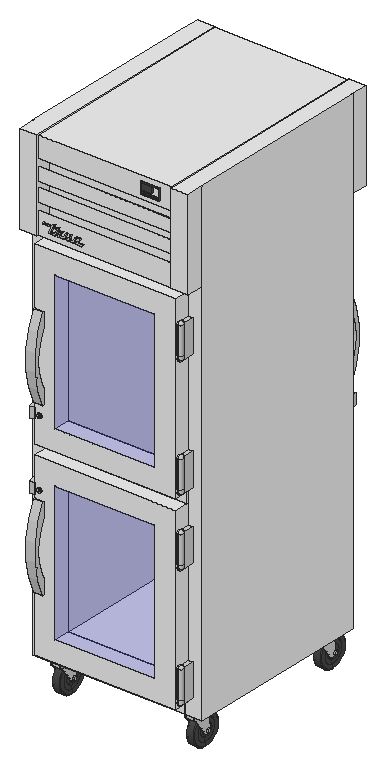
Revit family "QF_TRUE_STR1RPT-2HG-1G-HC", category Specialty Equipment, Revit 2012 (continued)
Automatic sketch dimensions
  Extrusion 6 sketch curve to Extrusion 6 sketch curve = 0.10005"
  Extrusion 6 sketch curve to Extrusion 6 sketch curve = 0.06912"
  Extrusion 6 sketch curve to Extrusion 6 sketch curve = 0.13276"
  Extrusion 6 sketch curve to Extrusion 6 sketch curve = 0.17486"
  Extrusion 6 sketch curve to Extrusion 6 sketch curve = 0.05291"
  Extrusion 6 sketch curve to Extrusion 6 sketch curve = 0.53374"
  Extrusion 6 sketch curve to Extrusion 6 sketch curve = 0.09914"  (x2)
  Extrusion 6 sketch curve to Extrusion 6 sketch curve = 0.15992"
  Extrusion 6 sketch curve to Extrusion 6 sketch curve = 0.46666"
  Extrusion 6 sketch curve to Extrusion 6 sketch curve = 0.00582"
  Extrusion 6 sketch curve to Extrusion 6 sketch curve = 0.08216"
  Extrusion 6 sketch curve to Extrusion 6 sketch curve = 0.16397"
  Extrusion 6 sketch curve to Extrusion 6 sketch curve = 0.12601"
  Extrusion 6 sketch curve to Extrusion 6 sketch curve = 0.1363"
  Extrusion 6 sketch curve to Extrusion 6 sketch curve = 0.02323"
  Extrusion 6 sketch curve to Extrusion 6 sketch curve = 0.03844"
  Extrusion 6 sketch curve to Extrusion 6 sketch curve = 0.0454"
  Extrusion 6 sketch curve to Extrusion 6 sketch curve = 0.05693"
  Extrusion 6 sketch curve to Extrusion 6 sketch curve = 0.0917"
  Extrusion 6 sketch curve to Extrusion 6 sketch curve = 0.01902"
  Extrusion 6 sketch curve to Extrusion 6 sketch curve = 0.02191"
  Extrusion 6 sketch curve to Extrusion 6 sketch curve = 0.0347"
  Extrusion 6 sketch curve to Extrusion 6 sketch curve = 0.06385"
  Extrusion 6 sketch curve to Extrusion 6 sketch curve = 0.02906"
  Extrusion 6 sketch curve to Extrusion 6 sketch curve = 0.02851"
  Extrusion 6 sketch curve to Extrusion 6 sketch curve = 0.29237"
  Extrusion 6 sketch curve to Extrusion 6 sketch curve = 0.00537"
  Extrusion 6 sketch curve to Extrusion 6 sketch curve = 0.0406"
  Extrusion 6 sketch curve to Extrusion 6 sketch curve = 0.04327"
  Extrusion 6 sketch curve to Extrusion 6 sketch curve = 0.02615"
  Extrusion 6 sketch curve to Extrusion 6 sketch curve = 0.11806"
  Extrusion 6 sketch curve to Extrusion 6 sketch curve = 0.15103"
  Extrusion 6 sketch curve to Extrusion 6 sketch curve = 0.10007"
  Extrusion 6 sketch curve to Extrusion 6 sketch curve = 0.5254"
  Extrusion 6 sketch curve to Extrusion 6 sketch curve = 0.14787"
  Extrusion 6 sketch curve to plane 5 "TOP" = 13.64562"
  Extrusion 6 sketch curve to Extrusion 6 sketch curve = 0.07275"
  Extrusion 6 sketch curve to Extrusion 6 sketch curve = 0.05776"
  Extrusion 6 sketch curve to Extrusion 6 sketch curve = 0.08631"
  Extrusion 6 sketch curve to Extrusion 6 sketch curve = 0.09282"
  Extrusion 6 sketch curve to Extrusion 6 sketch curve = 0.13018"
  Extrusion 6 sketch curve to Extrusion 6 sketch curve = 0.16714"
  Extrusion 6 sketch curve to Extrusion 6 sketch curve = 0.11061"
  Extrusion 6 sketch curve to Extrusion 6 sketch curve = 0.06046"
  Extrusion 6 sketch curve to Extrusion 6 sketch curve = 0.16548"
  Extrusion 6 sketch curve to Extrusion 6 sketch curve = 0.14279"
  Extrusion 6 sketch curve to Extrusion 6 sketch curve = 0.0496"
  Extrusion 6 sketch curve to Extrusion 6 sketch curve = 0.07293"
  Extrusion 6 sketch curve to Extrusion 6 sketch curve = 0.07764"
  Extrusion 6 sketch curve to Extrusion 6 sketch curve = 0.03794"
  Extrusion 6 sketch curve to Extrusion 6 sketch curve = 0.08552"
  Extrusion 6 sketch curve to Extrusion 6 sketch curve = 0.09296"
  Extrusion 6 sketch curve to Extrusion 6 sketch curve = 0.09314"
  Extrusion 6 sketch curve to Extrusion 6 sketch curve = 0.02781"
  Extrusion 6 sketch curve to Extrusion 6 sketch curve = 0.04981"
  Extrusion 6 sketch curve to Extrusion 6 sketch curve = 0.09315"
  Extrusion 6 sketch curve to Extrusion 6 sketch curve = 0.04799"
  Extrusion 6 sketch curve to Extrusion 6 sketch curve = 0.02531"
  Extrusion 6 sketch curve to Extrusion 6 sketch curve = 0.03054"
  Extrusion 6 sketch curve to Extrusion 6 sketch curve = 0.2589"
  Extrusion 6 sketch curve to Extrusion 6 sketch curve = 0.0674"
  Extrusion 6 sketch curve to Extrusion 6 sketch curve = 0.0324"
  Extrusion 6 sketch curve to Extrusion 6 sketch curve = 0.26185"
  Extrusion 6 sketch curve to Extrusion 6 sketch curve = 11/256"
  Extrusion 6 sketch curve to Extrusion 6 sketch curve = 0.07366"
  Extrusion 6 sketch curve to Extrusion 6 sketch curve = 0.02187"
  Extrusion 6 sketch curve to Extrusion 6 sketch curve = 0.06479"
  Extrusion 6 sketch curve to Extrusion 6 sketch curve = 0.01183"
  Extrusion 6 sketch curve to Extrusion 6 sketch curve = 0.05778"
  Extrusion 6 sketch curve to Extrusion 6 sketch curve = 0.53375"
  Extrusion 6 sketch curve to Extrusion 6 sketch curve = 0.23098"
  Extrusion 6 sketch curve to Extrusion 6 sketch curve = 0"
  Extrusion 6 sketch curve to Extrusion 6 sketch curve = 0.05045"
  Extrusion 6 sketch curve to Extrusion 6 sketch curve = 0.09139"
  Extrusion 6 sketch curve to Extrusion 6 sketch curve = 29/128"  (x3)
  Extrusion 7 sketch curve to plane 3 "RIGHT" = 3 1/4"
  Extrusion 7 sketch curve to plane 5 "TOP" = 2 1/8"
  Revolve 8 sketch curve to plane 3 "RIGHT" = 4.35148"
  Revolve 8 sketch curve to Revolve 8 sketch curve = 0.48273"
  Revolve 8 sketch curve to Revolve 8 sketch curve = 0.4"
  Revolve 8 sketch curve to Revolve 8 sketch curve = 0"  (x2)
  Revolve 8 sketch curve to Revolve 8 sketch curve = 0.1"  (x2)
  Revolve 8 sketch curve to Revolve 8 sketch curve = 0.16101"
  Revolve 8 sketch curve to Revolve 8 sketch curve = 0.75408"
  Revolve 8 sketch curve to Revolve 8 sketch curve = 0.92798"
  Revolve 8 sketch curve to Revolve 8 sketch curve = 0.06101"
  Revolve 8 sketch curve to Revolve 8 sketch curve = 1/2"
  Revolve 8 sketch curve to Revolve 8 sketch curve = 0.16509"
  Revolve 8 sketch curve to Revolve 8 sketch curve = 0.39592"
  level to Revolve 8 sketch curve = 2 1/2"
  Revolve 8 sketch curve to Revolve 8 sketch curve = 0.29941"  (x2)
  Revolve 8 sketch curve to Revolve 8 sketch curve = 3/4"  (x4)
  Revolve 8 sketch curve to Revolve 8 sketch curve = 0.59652"
  Revolve 8 sketch curve to Revolve 8 sketch curve = 0.60059"
  Extrusion 9 sketch curve to plane 6 = 0.63926"  (x2)
  Extrusion 9 sketch curve to plane 4 "FRONT" = 3.79864"
  Extrusion 9 sketch curve to Extrusion 9 sketch curve = 1/4"  (x2)
  level to Extrusion 9 sketch curve = 2.18736"  (x2)
  Extrusion 9 sketch curve to Extrusion 9 sketch curve = 1.7492"  (x2)
  Extrusion 9 sketch curve to Extrusion 9 sketch curve = 0.50669"  (x2)
  Extrusion 9 sketch curve to Extrusion 9 sketch curve = 2 1/2"  (x2)
  level to Extrusion 9 sketch curve = 2.59003"  (x2)
  Extrusion 9 sketch curve to Extrusion 9 sketch curve = 0.59966"  (x2)
  plane 8 to Extrusion 9 sketch curve = 6.82645"
  Extrusion 9 sketch curve to Extrusion 9 sketch curve = 0.60485"  (x2)
  Extrusion 10 sketch curve to plane 6 = 0.63926"  (x2)
  Extrusion 10 sketch curve to plane 4 "FRONT" = 3.79864"
  Extrusion 10 sketch curve to Extrusion 10 sketch curve = 1/4"  (x2)
  level to Extrusion 10 sketch curve = 2.18736"  (x2)
  Extrusion 10 sketch curve to Extrusion 10 sketch curve = 1.7492"  (x2)
  Extrusion 10 sketch curve to Extrusion 10 sketch curve = 0.50669"  (x2)
  Extrusion 10 sketch curve to Extrusion 10 sketch curve = 2 1/2"  (x2)
  level to Extrusion 10 sketch curve = 2.59003"  (x2)
  Extrusion 10 sketch curve to Extrusion 10 sketch curve = 0.59966"  (x2)
  plane 8 to Extrusion 10 sketch curve = 6.82645"
  Extrusion 10 sketch curve to Extrusion 10 sketch curve = 0.60485"  (x2)
  Revolve 11 sketch curve to plane 6 = 0.62954"
  Revolve 11 sketch curve to plane 3 "RIGHT" = 4.14082"
  Revolve 11 sketch curve to Revolve 11 sketch curve = 1.29707"
  Revolve 11 sketch curve to Revolve 11 sketch curve = 0"
  Revolve 11 sketch curve to Revolve 11 sketch curve = 0.10278"
  Revolve 11 sketch curve to plane 6 = 0.00141"
  plane 6 to Revolve 11 sketch curve = 0.26768"
  Revolve 12 sketch curve to level = 0"
  Revolve 12 sketch curve to plane 6 = 0"
  Revolve 12 sketch curve to plane 3 "RIGHT" = 4.17713"
  level to Revolve 12 sketch curve = 1"
  Revolve 12 sketch curve to plane 3 "RIGHT" = 3 19/32"
  Revolve 12 sketch curve to Revolve 12 sketch curve = 1/4"
  Revolve 12 sketch curve to Revolve 12 sketch curve = 1/2"
  Revolve 12 sketch curve to Revolve 12 sketch curve = 0"
  Revolve 12 sketch curve to Revolve 12 sketch curve = 5/8"
  plane 6 to Revolve 12 sketch curve = 1 25/32"
  Revolve 13 sketch curve to level = 0"
  Revolve 13 sketch curve to plane 6 = 0"
  Revolve 13 sketch curve to plane 3 "RIGHT" = 4.17713"
  level to Revolve 13 sketch curve = 1"
  Revolve 13 sketch curve to plane 3 "RIGHT" = 3 19/32"
  Revolve 13 sketch curve to Revolve 13 sketch curve = 1/4"
  Revolve 13 sketch curve to Revolve 13 sketch curve = 1/2"
  Revolve 13 sketch curve to Revolve 13 sketch curve = 0"
  Revolve 13 sketch curve to Revolve 13 sketch curve = 5/8"
  plane 6 to Revolve 13 sketch curve = 1 25/32"
  Revolve 14 sketch curve to plane 6 = 0.62954"
  Revolve 14 sketch curve to plane 3 "RIGHT" = 4.14082"
  Revolve 14 sketch curve to Revolve 14 sketch curve = 1.29707"
  Revolve 14 sketch curve to Revolve 14 sketch curve = 0"
  Revolve 14 sketch curve to Revolve 14 sketch curve = 0.10278"
  Revolve 14 sketch curve to plane 6 = 0.00141"
  plane 6 to Revolve 14 sketch curve = 0.26768"
  Extrusion 15 sketch curve to plane 6 = 0.63926"  (x2)
  Extrusion 15 sketch curve to plane 4 "FRONT" = 3.79864"
  Extrusion 15 sketch curve to Extrusion 15 sketch curve = 1/4"  (x2)
  Extrusion 15 sketch curve to Extrusion 15 sketch curve = 2 1/2"  (x2)
  Extrusion 15 sketch curve to plane 6 = 0.93273"  (x2)
  Extrusion 15 sketch curve to Extrusion 15 sketch curve = 0.03603"
  plane 8 to Extrusion 15 sketch curve = 6.82645"
  Extrusion 15 sketch curve to plane 6 = 1.24411"
  plane 2 "LEFT" to Revolve 16 sketch curve = 1.33602"
  Revolve 16 sketch curve to Revolve 16 sketch curve = 0.48273"
  Revolve 16 sketch curve to Revolve 16 sketch curve = 0.4"
  Revolve 16 sketch curve to Revolve 16 sketch curve = 0"  (x2)
  Revolve 16 sketch curve to Revolve 16 sketch curve = 0.1"  (x2)
  Revolve 16 sketch curve to Revolve 16 sketch curve = 0.16101"
  Revolve 16 sketch curve to Revolve 16 sketch curve = 0.75408"
  Revolve 16 sketch curve to Revolve 16 sketch curve = 0.92798"
  Revolve 16 sketch curve to Revolve 16 sketch curve = 0.06101"
  Revolve 16 sketch curve to Revolve 16 sketch curve = 1/2"
  Revolve 16 sketch curve to Revolve 16 sketch curve = 0.16509"
  Revolve 16 sketch curve to Revolve 16 sketch curve = 0.39592"
  level to Revolve 16 sketch curve = 2 1/2"
  Revolve 16 sketch curve to Revolve 16 sketch curve = 0.29941"  (x2)
  Revolve 16 sketch curve to Revolve 16 sketch curve = 3/4"  (x4)
  Revolve 16 sketch curve to Revolve 16 sketch curve = 0.59652"
  Revolve 16 sketch curve to Revolve 16 sketch curve = 0.60059"
  Extrusion 17 sketch curve to plane 6 = 0.63926"  (x2)
  Extrusion 17 sketch curve to plane 4 "FRONT" = 3.79864"
  Extrusion 17 sketch curve to Extrusion 17 sketch curve = 1/4"  (x2)
  level to Extrusion 17 sketch curve = 2.18736"  (x2)
  Extrusion 17 sketch curve to Extrusion 17 sketch curve = 1.7492"  (x2)
  Extrusion 17 sketch curve to Extrusion 17 sketch curve = 0.50669"  (x2)
  Extrusion 17 sketch curve to Extrusion 17 sketch curve = 2 1/2"  (x2)
  level to Extrusion 17 sketch curve = 2.59003"  (x2)
  Extrusion 17 sketch curve to Extrusion 17 sketch curve = 0.59966"  (x2)
  plane 8 to Extrusion 17 sketch curve = 6.82645"
  Extrusion 17 sketch curve to Extrusion 17 sketch curve = 0.60485"  (x2)
  Extrusion 18 sketch curve to plane 6 = 0.63926"  (x2)
  Extrusion 18 sketch curve to plane 4 "FRONT" = 3.79864"
  Extrusion 18 sketch curve to Extrusion 18 sketch curve = 1/4"  (x2)
  level to Extrusion 18 sketch curve = 2.18736"  (x2)
  Extrusion 18 sketch curve to Extrusion 18 sketch curve = 1.7492"  (x2)
  Extrusion 18 sketch curve to Extrusion 18 sketch curve = 0.50669"  (x2)
  Extrusion 18 sketch curve to Extrusion 18 sketch curve = 2 1/2"  (x2)
  level to Extrusion 18 sketch curve = 2.59003"  (x2)
  Extrusion 18 sketch curve to Extrusion 18 sketch curve = 0.59966"  (x2)
  plane 8 to Extrusion 18 sketch curve = 6.82645"
  Extrusion 18 sketch curve to Extrusion 18 sketch curve = 0.60485"  (x2)
  Revolve 19 sketch curve to plane 6 = 0.62954"
  plane 2 "LEFT" to Revolve 19 sketch curve = 1.54668"
  Revolve 19 sketch curve to Revolve 19 sketch curve = 1.29707"
  Revolve 19 sketch curve to Revolve 19 sketch curve = 0"
  Revolve 19 sketch curve to Revolve 19 sketch curve = 0.10278"
  Revolve 19 sketch curve to plane 6 = 0.00141"
  plane 6 to Revolve 19 sketch curve = 0.26768"
  Revolve 20 sketch curve to level = 0"
  Revolve 20 sketch curve to plane 6 = 0"
  plane 2 "LEFT" to Revolve 20 sketch curve = 1.51037"
  level to Revolve 20 sketch curve = 1"
  plane 2 "LEFT" to Revolve 20 sketch curve = 2 3/32"
  Revolve 20 sketch curve to Revolve 20 sketch curve = 1/4"
  Revolve 20 sketch curve to Revolve 20 sketch curve = 1/2"
  Revolve 20 sketch curve to Revolve 20 sketch curve = 0"
  Revolve 20 sketch curve to Revolve 20 sketch curve = 5/8"
  plane 6 to Revolve 20 sketch curve = 1 25/32"
  Revolve 21 sketch curve to level = 0"
  Revolve 21 sketch curve to plane 6 = 0"
  plane 2 "LEFT" to Revolve 21 sketch curve = 1.51037"
  level to Revolve 21 sketch curve = 1"
  plane 2 "LEFT" to Revolve 21 sketch curve = 2 3/32"
  Revolve 21 sketch curve to Revolve 21 sketch curve = 1/4"
  Revolve 21 sketch curve to Revolve 21 sketch curve = 1/2"
  Revolve 21 sketch curve to Revolve 21 sketch curve = 0"
  Revolve 21 sketch curve to Revolve 21 sketch curve = 5/8"
  plane 6 to Revolve 21 sketch curve = 1 25/32"
  Revolve 22 sketch curve to plane 6 = 0.62954"
  plane 2 "LEFT" to Revolve 22 sketch curve = 1.54668"
  Revolve 22 sketch curve to Revolve 22 sketch curve = 1.29707"
  Revolve 22 sketch curve to Revolve 22 sketch curve = 0"
  Revolve 22 sketch curve to Revolve 22 sketch curve = 0.10278"
  Revolve 22 sketch curve to plane 6 = 0.00141"
  plane 6 to Revolve 22 sketch curve = 0.26768"
  Extrusion 23 sketch curve to plane 6 = 0.63926"  (x2)
  Extrusion 23 sketch curve to plane 4 "FRONT" = 3.79864"
  Extrusion 23 sketch curve to Extrusion 23 sketch curve = 1/4"  (x2)
  Extrusion 23 sketch curve to Extrusion 23 sketch curve = 2 1/2"  (x2)
  Extrusion 23 sketch curve to plane 6 = 0.93273"  (x2)
  Extrusion 23 sketch curve to Extrusion 23 sketch curve = 0.03603"
  plane 8 to Extrusion 23 sketch curve = 6.82645"
  Extrusion 23 sketch curve to plane 6 = 1.24411"
  plane 2 "LEFT" to Extrusion 24 sketch curve = 2 9/32"
  Extrusion 24 sketch curve to Extrusion 24 sketch curve = 3 11/32"  (x2)
  Extrusion 24 sketch curve to plane 3 "RIGHT" = 5 5/8"
  Extrusion 24 sketch curve to plane 3 "RIGHT" = 2 9/32"
  Extrusion 24 sketch curve to plane 5 "TOP" = 16 5/32"
  plane 6 to Extrusion 24 sketch curve = 5 1/4"
  plane 6 to Extrusion 24 sketch curve = 1 29/32"
  plane 2 "LEFT" to Extrusion 25 sketch curve = 5 5/8"
  Extrusion 25 sketch curve to plane 3 "RIGHT" = 5 5/8"
  Extrusion 25 sketch curve to plane 5 "TOP" = 19 1/2"
  plane 6 to Extrusion 25 sketch curve = 5 1/4"
  plane 8 to Extrusion 26 sketch curve = 0"
  Extrusion 26 sketch curve to plane 3 "RIGHT" = 2 55/64"
  Extrusion 26 sketch curve to plane 3 "RIGHT" = 3/64"
  Extrusion 26 sketch curve to Extrusion 26 sketch curve = 2 3/4"
  plane 8 to Extrusion 27 sketch curve = 0"
  plane 2 "LEFT" to Extrusion 27 sketch curve = 3/64"
  Extrusion 27 sketch curve to Extrusion 27 sketch curve = 2 13/16"
  Extrusion 27 sketch curve to Extrusion 27 sketch curve = 3.0792"
  plane 8 to Extrusion 28 sketch curve = 0.60979"
  Extrusion 28 sketch curve to Extrusion 28 sketch curve = 0.43503"
  Extrusion 28 sketch curve to Extrusion 28 sketch curve = 0.20453"
  Extrusion 28 sketch curve to Extrusion 28 sketch curve = 1.50065"
  Extrusion 28 sketch curve to plane 5 "TOP" = 19.57271"
  Extrusion 28 sketch curve to Extrusion 28 sketch curve = 4.39928"
  Extrusion 28 sketch curve to Extrusion 28 sketch curve = 0.71221"
  plane 8 to Revolve 29 sketch curve = 3/16"  (x2)
  Revolve 29 sketch curve to Revolve 29 sketch curve = 0.38242"
  Revolve 29 sketch curve to Revolve 29 sketch curve = 0.38436"
  plane 8 to Revolve 29 sketch curve = 0.59416"
  Revolve 29 sketch curve to Revolve 29 sketch curve = 0.40666"
  Revolve 29 sketch curve to Revolve 29 sketch curve = 0"
  Revolve 29 sketch curve to plane 5 "TOP" = 18.75492"
  Revolve 29 sketch curve to Revolve 29 sketch curve = 0.55526"
  Revolve 29 sketch curve to Revolve 29 sketch curve = 0.19474"
  Revolve 29 sketch curve to Revolve 29 sketch curve = 0.14649"
  Revolve 29 sketch curve to Revolve 29 sketch curve = 4.42889"
  Revolve 29 sketch curve to Revolve 29 sketch curve = 0.05342"
  Revolve 29 sketch curve to Revolve 29 sketch curve = 0.51246"
  Revolve 29 sketch curve to Revolve 29 sketch curve = 0.05889"
  plane 2 "LEFT" to Extrusion 30 sketch curve = 1.88366"
  Extrusion 30 sketch curve to Extrusion 30 sketch curve = 0.39759"
  Extrusion 30 sketch curve to plane 5 "TOP" = 19.6514"
  Extrusion 30 sketch curve to Extrusion 30 sketch curve = 4.47281"
  plane 8 to Extrusion 31 sketch curve = 0.60979"
  Extrusion 31 sketch curve to Extrusion 31 sketch curve = 0.43503"
  Extrusion 31 sketch curve to Extrusion 31 sketch curve = 0.20453"
  Extrusion 31 sketch curve to Extrusion 31 sketch curve = 1.50065"
  plane 6 to Extrusion 31 sketch curve = 38.92729"
  Extrusion 31 sketch curve to Extrusion 31 sketch curve = 4.39928"
  Extrusion 31 sketch curve to Extrusion 31 sketch curve = 0.71221"
  plane 8 to Revolve 32 sketch curve = 3/16"  (x2)
  Revolve 32 sketch curve to Revolve 32 sketch curve = 0.38242"
  Revolve 32 sketch curve to Revolve 32 sketch curve = 0.38436"
  plane 8 to Revolve 32 sketch curve = 0.59416"
  Revolve 32 sketch curve to Revolve 32 sketch curve = 0.40666"
  Revolve 32 sketch curve to Revolve 32 sketch curve = 0"
  Revolve 32 sketch curve to plane 5 "TOP" = 38.25492"
  Revolve 32 sketch curve to Revolve 32 sketch curve = 0.55526"
  Revolve 32 sketch curve to Revolve 32 sketch curve = 0.19474"
  Revolve 32 sketch curve to Revolve 32 sketch curve = 0.14649"
  Revolve 32 sketch curve to Revolve 32 sketch curve = 4.42889"
  Revolve 32 sketch curve to Revolve 32 sketch curve = 0.05342"
  Revolve 32 sketch curve to Revolve 32 sketch curve = 0.51246"
  Revolve 32 sketch curve to Revolve 32 sketch curve = 0.05889"
  plane 2 "LEFT" to Extrusion 33 sketch curve = 1.88366"
  Extrusion 33 sketch curve to Extrusion 33 sketch curve = 0.39759"
  plane 6 to Extrusion 33 sketch curve = 38.8486"
  Extrusion 33 sketch curve to Extrusion 33 sketch curve = 4.4717"
  plane 8 to Extrusion 34 sketch curve = 0.60979"
  Extrusion 34 sketch curve to Extrusion 34 sketch curve = 0.43503"
  Extrusion 34 sketch curve to Extrusion 34 sketch curve = 0.20453"
  Extrusion 34 sketch curve to Extrusion 34 sketch curve = 1.50065"
  plane 6 to Extrusion 34 sketch curve = 27.92729"
  Extrusion 34 sketch curve to Extrusion 34 sketch curve = 4.39928"
  Extrusion 34 sketch curve to Extrusion 34 sketch curve = 0.71221"
  plane 8 to Revolve 35 sketch curve = 3/16"  (x2)
  Revolve 35 sketch curve to Revolve 35 sketch curve = 0.38242"
  Revolve 35 sketch curve to Revolve 35 sketch curve = 0.38436"
  plane 8 to Revolve 35 sketch curve = 0.59416"
  Revolve 35 sketch curve to Revolve 35 sketch curve = 0.40666"
  Revolve 35 sketch curve to Revolve 35 sketch curve = 0"
  plane 6 to Revolve 35 sketch curve = 28.74508"
  Revolve 35 sketch curve to Revolve 35 sketch curve = 0.55526"
  Revolve 35 sketch curve to Revolve 35 sketch curve = 0.19474"
  Revolve 35 sketch curve to Revolve 35 sketch curve = 0.14649"
  Revolve 35 sketch curve to Revolve 35 sketch curve = 4.42889"
  Revolve 35 sketch curve to Revolve 35 sketch curve = 0.05342"
  Revolve 35 sketch curve to Revolve 35 sketch curve = 0.51246"
  Revolve 35 sketch curve to Revolve 35 sketch curve = 0.05889"
  plane 2 "LEFT" to Extrusion 36 sketch curve = 1.88366"
  Extrusion 36 sketch curve to Extrusion 36 sketch curve = 0.39759"
  plane 6 to Extrusion 36 sketch curve = 27.8486"
  Extrusion 36 sketch curve to Extrusion 36 sketch curve = 4.47281"
  plane 8 to Extrusion 37 sketch curve = 0.60979"
  Extrusion 37 sketch curve to Extrusion 37 sketch curve = 0.43503"
  Extrusion 37 sketch curve to Extrusion 37 sketch curve = 0.20453"
  Extrusion 37 sketch curve to Extrusion 37 sketch curve = 1.50065"
  plane 6 to Extrusion 37 sketch curve = 8.17729"
  plane 6 to Extrusion 37 sketch curve = 3.57348"
  Extrusion 37 sketch curve to Extrusion 37 sketch curve = 0.75105"
  plane 8 to Revolve 38 sketch curve = 3/16"  (x2)
  Revolve 38 sketch curve to Revolve 38 sketch curve = 0.38242"
  Revolve 38 sketch curve to Revolve 38 sketch curve = 0.38436"
  plane 8 to Revolve 38 sketch curve = 0.59416"
  Revolve 38 sketch curve to Revolve 38 sketch curve = 0.40666"
  Revolve 38 sketch curve to Revolve 38 sketch curve = 0"
  plane 6 to Revolve 38 sketch curve = 8.99508"
  Revolve 38 sketch curve to Revolve 38 sketch curve = 0.55526"
  Revolve 38 sketch curve to Revolve 38 sketch curve = 0.19474"
  Revolve 38 sketch curve to Revolve 38 sketch curve = 0.14649"
  plane 6 to Revolve 38 sketch curve = 3.62689"
  Revolve 38 sketch curve to Revolve 38 sketch curve = 0.05342"
  Revolve 38 sketch curve to Revolve 38 sketch curve = 0.51246"
  Revolve 38 sketch curve to Revolve 38 sketch curve = 0.05889"
  plane 2 "LEFT" to Extrusion 39 sketch curve = 1.88366"
  Extrusion 39 sketch curve to Extrusion 39 sketch curve = 0.39759"
  plane 6 to Extrusion 39 sketch curve = 8.0986"
  plane 6 to Extrusion 39 sketch curve = 3.62579"
  Extrusion 40 sketch curve to plane 8 = 0.01517"  (x2)
  plane 8 to Extrusion 40 sketch curve = 3/16"  (x2)
  plane 8 to Extrusion 40 sketch curve = 7.00676"
  Extrusion 40 sketch curve to Extrusion 40 sketch curve = 6.82108"
  plane 6 to Extrusion 40 sketch curve = 33 1/4"
  Extrusion 40 sketch curve to Extrusion 40 sketch curve = 2.39513"
  Extrusion 40 sketch curve to Extrusion 40 sketch curve = 4.54237"
  Extrusion 40 sketch curve to Extrusion 40 sketch curve = 0"
  Extrusion 41 sketch curve to plane 3 "RIGHT" = 3.0734"
  Extrusion 41 sketch curve to Extrusion 41 sketch curve = 0.02035"
  Extrusion 41 sketch curve to Extrusion 41 sketch curve = 0.0555"
  plane 6 to Extrusion 41 sketch curve = 31.58145"
  Extrusion 41 sketch curve to Extrusion 41 sketch curve = 0.29355"
  Extrusion 41 sketch curve to Extrusion 41 sketch curve = 0.27385"
  Blend 42 sketch curve to plane 3 "RIGHT" = 2 9/32"  (x2)
  Blend 42 sketch curve to Blend 42 sketch curve = 3/4"
  plane 6 to Blend 42 sketch curve = 32.80419"
  Blend 42 sketch curve to Blend 42 sketch curve = 1 3/4"
  Blend 42 sketch curve to Blend 42 sketch curve = 0.93223"
  plane 6 to Blend 42 sketch curve = 33.23893"
  Blend 42 sketch curve to Blend 42 sketch curve = 2.78233"
  plane 2 "LEFT" to Extrusion 43 sketch curve = 2 9/32"  (x2)
  Extrusion 43 sketch curve to Extrusion 43 sketch curve = 3 11/32"  (x6)
  Extrusion 43 sketch curve to plane 3 "RIGHT" = 5 5/8"  (x2)
  Extrusion 43 sketch curve to plane 3 "RIGHT" = 2 9/32"  (x2)
  plane 6 to Extrusion 43 sketch curve = 1 29/32"
  Extrusion 43 sketch curve to Extrusion 43 sketch curve = 22 7/16"
  Extrusion 43 sketch curve to Extrusion 43 sketch curve = 1 11/16"
  Extrusion 43 sketch curve to plane 5 "TOP" = 19 1/2"
  plane 4 "FRONT" to Extrusion 44 sketch curve = 0.0247"  (x2)
  Extrusion 44 sketch curve to plane 4 "FRONT" = 3/16"  (x2)
  Extrusion 44 sketch curve to plane 4 "FRONT" = 6.88686"
  Extrusion 44 sketch curve to Extrusion 44 sketch curve = 6.44313"
  plane 6 to Extrusion 44 sketch curve = 38 15/16"
  Extrusion 44 sketch curve to Extrusion 44 sketch curve = 2.37851"
  Extrusion 44 sketch curve to Extrusion 44 sketch curve = 4.42149"
  Extrusion 44 sketch curve to Extrusion 44 sketch curve = 0"
  plane 2 "LEFT" to Extrusion 45 sketch curve = 3.0734"
  Extrusion 45 sketch curve to Extrusion 45 sketch curve = 0.02035"
  Extrusion 45 sketch curve to Extrusion 45 sketch curve = 0.0555"
  plane 6 to Extrusion 45 sketch curve = 36.8002"
  Extrusion 45 sketch curve to Extrusion 45 sketch curve = 0.29355"
  Extrusion 45 sketch curve to Extrusion 45 sketch curve = 0.27385"
  plane 2 "LEFT" to Blend 46 sketch curve = 2 9/32"
  Blend 46 sketch curve to Blend 46 sketch curve = 3/4"
  plane 6 to Blend 46 sketch curve = 38.02294"
  Blend 46 sketch curve to Blend 46 sketch curve = 1 3/4"
  Blend 46 sketch curve to plane 2 "LEFT" = 2 9/32"
  Blend 46 sketch curve to Blend 46 sketch curve = 0.93223"
  Blend 46 sketch curve to plane 6 = 35.67535"
  Blend 46 sketch curve to Blend 46 sketch curve = 2.78233"
  Extrusion 47 sketch curve to plane 4 "FRONT" = 0.60979"
  Extrusion 47 sketch curve to Extrusion 47 sketch curve = 0.43503"
  Extrusion 47 sketch curve to Extrusion 47 sketch curve = 0.20453"
  Extrusion 47 sketch curve to Extrusion 47 sketch curve = 1.50065"
  Extrusion 47 sketch curve to plane 5 "TOP" = 19.66646"
  Extrusion 47 sketch curve to Extrusion 47 sketch curve = 4.39928"
  Extrusion 47 sketch curve to Extrusion 47 sketch curve = 0.71221"
  Revolve 48 sketch curve to plane 4 "FRONT" = 3/16"  (x2)
  Revolve 48 sketch curve to Revolve 48 sketch curve = 0.38242"
  Revolve 48 sketch curve to Revolve 48 sketch curve = 0.38436"
  Revolve 48 sketch curve to plane 4 "FRONT" = 0.59416"
  Revolve 48 sketch curve to Revolve 48 sketch curve = 0.40666"
  Revolve 48 sketch curve to Revolve 48 sketch curve = 0"
  Revolve 48 sketch curve to plane 5 "TOP" = 18.84867"
  Revolve 48 sketch curve to Revolve 48 sketch curve = 0.55526"
  Revolve 48 sketch curve to Revolve 48 sketch curve = 0.19474"
  Revolve 48 sketch curve to Revolve 48 sketch curve = 0.14649"
  Revolve 48 sketch curve to Revolve 48 sketch curve = 4.42889"
  Revolve 48 sketch curve to Revolve 48 sketch curve = 0.05342"
  Revolve 48 sketch curve to Revolve 48 sketch curve = 0.51246"
  Revolve 48 sketch curve to Revolve 48 sketch curve = 0.05889"
  Extrusion 49 sketch curve to plane 3 "RIGHT" = 1.88366"
  Extrusion 49 sketch curve to Extrusion 49 sketch curve = 0.39759"
  Extrusion 49 sketch curve to plane 5 "TOP" = 19.74515"
  Extrusion 49 sketch curve to Extrusion 49 sketch curve = 4.47281"
  Extrusion 50 sketch curve to plane 4 "FRONT" = 0.60979"
  Extrusion 50 sketch curve to Extrusion 50 sketch curve = 0.43503"
  Extrusion 50 sketch curve to Extrusion 50 sketch curve = 0.20453"
  Extrusion 50 sketch curve to Extrusion 50 sketch curve = 1.50065"
  plane 6 to Extrusion 50 sketch curve = 38.83354"
  Extrusion 50 sketch curve to Extrusion 50 sketch curve = 4.39928"
  Extrusion 50 sketch curve to Extrusion 50 sketch curve = 0.71221"
  Revolve 51 sketch curve to plane 4 "FRONT" = 3/16"  (x2)
  Revolve 51 sketch curve to Revolve 51 sketch curve = 0.38242"
  Revolve 51 sketch curve to Revolve 51 sketch curve = 0.38436"
  Revolve 51 sketch curve to plane 4 "FRONT" = 0.59416"
  Revolve 51 sketch curve to Revolve 51 sketch curve = 0.40666"
  Revolve 51 sketch curve to Revolve 51 sketch curve = 0"
  Revolve 51 sketch curve to plane 5 "TOP" = 38.34867"
  Revolve 51 sketch curve to Revolve 51 sketch curve = 0.55526"
  Revolve 51 sketch curve to Revolve 51 sketch curve = 0.19474"
  Revolve 51 sketch curve to Revolve 51 sketch curve = 0.14649"
  Revolve 51 sketch curve to Revolve 51 sketch curve = 4.42889"
  Revolve 51 sketch curve to Revolve 51 sketch curve = 0.05342"
  Revolve 51 sketch curve to Revolve 51 sketch curve = 0.51246"
  Revolve 51 sketch curve to Revolve 51 sketch curve = 0.05889"
  Extrusion 52 sketch curve to plane 3 "RIGHT" = 1.88366"
  Extrusion 52 sketch curve to Extrusion 52 sketch curve = 0.39759"
  plane 6 to Extrusion 52 sketch curve = 38.75485"
  Extrusion 52 sketch curve to Extrusion 52 sketch curve = 4.47281"
  Extrusion 53 sketch curve to plane 4 "FRONT" = 0.60979"
  Extrusion 53 sketch curve to Extrusion 53 sketch curve = 0.43503"
  Extrusion 53 sketch curve to Extrusion 53 sketch curve = 0.20453"
  Extrusion 53 sketch curve to Extrusion 53 sketch curve = 1.50065"
  plane 6 to Extrusion 53 sketch curve = 27.83354"
  Extrusion 53 sketch curve to Extrusion 53 sketch curve = 4.39928"
  Extrusion 53 sketch curve to Extrusion 53 sketch curve = 0.71221"
  Revolve 54 sketch curve to plane 4 "FRONT" = 3/16"  (x2)
  Revolve 54 sketch curve to Revolve 54 sketch curve = 0.38242"
  Revolve 54 sketch curve to Revolve 54 sketch curve = 0.38436"
  Revolve 54 sketch curve to plane 4 "FRONT" = 0.59416"
  Revolve 54 sketch curve to Revolve 54 sketch curve = 0.40666"
  Revolve 54 sketch curve to Revolve 54 sketch curve = 0"
  plane 6 to Revolve 54 sketch curve = 28.65133"
  Revolve 54 sketch curve to Revolve 54 sketch curve = 0.55526"
  Revolve 54 sketch curve to Revolve 54 sketch curve = 0.19474"
  Revolve 54 sketch curve to Revolve 54 sketch curve = 0.14649"
  Revolve 54 sketch curve to Revolve 54 sketch curve = 4.42889"
  Revolve 54 sketch curve to Revolve 54 sketch curve = 0.05342"
  Revolve 54 sketch curve to Revolve 54 sketch curve = 0.51246"
  Revolve 54 sketch curve to Revolve 54 sketch curve = 0.05889"
  Extrusion 55 sketch curve to plane 3 "RIGHT" = 1.88366"
  Extrusion 55 sketch curve to Extrusion 55 sketch curve = 0.39759"
  plane 6 to Extrusion 55 sketch curve = 27.75485"
  Extrusion 55 sketch curve to Extrusion 55 sketch curve = 4.47281"
  Extrusion 56 sketch curve to plane 4 "FRONT" = 0.60979"
  Extrusion 56 sketch curve to Extrusion 56 sketch curve = 0.43503"
  Extrusion 56 sketch curve to Extrusion 56 sketch curve = 0.20453"
  Extrusion 56 sketch curve to Extrusion 56 sketch curve = 1.50065"
  plane 6 to Extrusion 56 sketch curve = 8.08354"
  plane 6 to Extrusion 56 sketch curve = 3.47973"
  Extrusion 56 sketch curve to Extrusion 56 sketch curve = 0.6573"
  Revolve 57 sketch curve to plane 4 "FRONT" = 3/16"  (x2)
  Revolve 57 sketch curve to Revolve 57 sketch curve = 0.38242"
  Revolve 57 sketch curve to Revolve 57 sketch curve = 0.38436"
  Revolve 57 sketch curve to plane 4 "FRONT" = 0.59416"
  Revolve 57 sketch curve to Revolve 57 sketch curve = 0.40666"
  Revolve 57 sketch curve to Revolve 57 sketch curve = 0"
  plane 6 to Revolve 57 sketch curve = 8.90133"
  Revolve 57 sketch curve to Revolve 57 sketch curve = 0.55526"
  Revolve 57 sketch curve to Revolve 57 sketch curve = 0.19474"
  Revolve 57 sketch curve to Revolve 57 sketch curve = 0.14649"
  plane 6 to Revolve 57 sketch curve = 3.53314"
  Revolve 57 sketch curve to Revolve 57 sketch curve = 0.05342"
  Revolve 57 sketch curve to Revolve 57 sketch curve = 0.51246"
  Revolve 57 sketch curve to Revolve 57 sketch curve = 0.05889"
  Extrusion 58 sketch curve to plane 3 "RIGHT" = 1.88366"
  Extrusion 58 sketch curve to Extrusion 58 sketch curve = 0.39759"
  plane 6 to Extrusion 58 sketch curve = 8.00485"
  plane 6 to Extrusion 58 sketch curve = 3.53204"
  plane 2 "LEFT" to Extrusion 59 sketch curve = 3.04215"
  Extrusion 59 sketch curve to Extrusion 59 sketch curve = 0.02035"
  Extrusion 59 sketch curve to Extrusion 59 sketch curve = 0.0555"
  plane 6 to Extrusion 59 sketch curve = 25.91365"
  Extrusion 59 sketch curve to Extrusion 59 sketch curve = 0.27385"
  Extrusion 59 sketch curve to Extrusion 59 sketch curve = 0.29355"
  plane 2 "LEFT" to Blend 60 sketch curve = 2 9/32"  (x2)
  Blend 60 sketch curve to Blend 60 sketch curve = 3/4"
  plane 6 to Blend 60 sketch curve = 27.00831"
  Blend 60 sketch curve to Blend 60 sketch curve = 1 3/4"
  Blend 60 sketch curve to Blend 60 sketch curve = 0.93223"
  plane 6 to Blend 60 sketch curve = 27.6059"
  Blend 60 sketch curve to Blend 60 sketch curve = 2.78233"
  plane 2 "LEFT" to Extrusion 61 sketch curve = 2 9/32"
  Extrusion 61 sketch curve to plane 3 "RIGHT" = 2 9/32"
  plane 6 to Extrusion 61 sketch curve = 31 1/32"
  Extrusion 61 sketch curve to Extrusion 61 sketch curve = 1 11/16"
  plane 2 "LEFT" to Extrusion 62 sketch curve = 5 5/8"  (x2)
  Extrusion 62 sketch curve to plane 3 "RIGHT" = 5 5/8"  (x2)
  plane 6 to Extrusion 62 sketch curve = 5 1/4"
  Extrusion 62 sketch curve to Extrusion 62 sketch curve = 22 7/16"
  Extrusion 62 sketch curve to Extrusion 62 sketch curve = 8 3/8"
  Extrusion 62 sketch curve to plane 5 "TOP" = 19 1/2"
  Extrusion 63 sketch curve to plane 5 "TOP" = 2.55982"
  Extrusion 63 sketch curve to plane 3 "RIGHT" = 7.75585"
  Extrusion 63 sketch curve to Extrusion 63 sketch curve = 2 29/32"
  Extrusion 63 sketch curve to plane 5 "TOP" = 13/16"
  Extrusion 64 sketch curve to plane 5 "TOP" = 3/4"
  Extrusion 64 sketch curve to plane 3 "RIGHT" = 7.81835"
  Extrusion 64 sketch curve to Extrusion 64 sketch curve = 1/16"  (x4)
  Extrusion 64 sketch curve to Extrusion 64 sketch curve = 0.1375"  (x2)
  Extrusion 64 sketch curve to Extrusion 64 sketch curve = 1/4"  (x4)
  Extrusion 64 sketch curve to Extrusion 64 sketch curve = 0.44601"
  Extrusion 64 sketch curve to Extrusion 64 sketch curve = 1/2"  (x2)
  Extrusion 64 sketch curve to Extrusion 64 sketch curve = 0.0035"
  Extrusion 64 sketch curve to Extrusion 64 sketch curve = 1.06923"
  Extrusion 64 sketch curve to plane 5 "TOP" = 0.95"
  Extrusion 64 sketch curve to Extrusion 64 sketch curve = 1"
  Extrusion 64 sketch curve to Extrusion 64 sketch curve = 0.34106"  (x3)
  Extrusion 64 sketch curve to Extrusion 64 sketch curve = 0"
  Extrusion 64 sketch curve to Extrusion 64 sketch curve = 0.26876"
  Revolve 65 sketch curve to plane 3 "RIGHT" = 4.35148"
  Revolve 65 sketch curve to Revolve 65 sketch curve = 0.48273"
  Revolve 65 sketch curve to Revolve 65 sketch curve = 0.4"
  Revolve 65 sketch curve to Revolve 65 sketch curve = 0"  (x2)
  Revolve 65 sketch curve to Revolve 65 sketch curve = 0.1"  (x2)
  Revolve 65 sketch curve to Revolve 65 sketch curve = 0.16101"
  Revolve 65 sketch curve to Revolve 65 sketch curve = 0.75408"
  Revolve 65 sketch curve to Revolve 65 sketch curve = 0.92798"
  Revolve 65 sketch curve to Revolve 65 sketch curve = 0.06101"
  Revolve 65 sketch curve to Revolve 65 sketch curve = 1/2"
  Revolve 65 sketch curve to Revolve 65 sketch curve = 0.16509"
  Revolve 65 sketch curve to Revolve 65 sketch curve = 0.39592"
  level to Revolve 65 sketch curve = 2 1/2"
  Revolve 65 sketch curve to Revolve 65 sketch curve = 0.29941"  (x2)
  Revolve 65 sketch curve to Revolve 65 sketch curve = 3/4"  (x4)
  Revolve 65 sketch curve to Revolve 65 sketch curve = 0.59652"
  Revolve 65 sketch curve to Revolve 65 sketch curve = 0.60059"
  plane 2 "LEFT" to Revolve 66 sketch curve = 1.33602"
  Revolve 66 sketch curve to Revolve 66 sketch curve = 0.48273"
  Revolve 66 sketch curve to Revolve 66 sketch curve = 0.4"
  Revolve 66 sketch curve to Revolve 66 sketch curve = 0"  (x2)
  Revolve 66 sketch curve to Revolve 66 sketch curve = 0.1"  (x2)
  Revolve 66 sketch curve to Revolve 66 sketch curve = 0.16101"
  Revolve 66 sketch curve to Revolve 66 sketch curve = 0.75408"
  Revolve 66 sketch curve to Revolve 66 sketch curve = 0.92798"
  Revolve 66 sketch curve to Revolve 66 sketch curve = 0.06101"
  Revolve 66 sketch curve to Revolve 66 sketch curve = 1/2"
  Revolve 66 sketch curve to Revolve 66 sketch curve = 0.16509"
  Revolve 66 sketch curve to Revolve 66 sketch curve = 0.39592"
  level to Revolve 66 sketch curve = 2 1/2"
  Revolve 66 sketch curve to Revolve 66 sketch curve = 0.29941"  (x2)
  Revolve 66 sketch curve to Revolve 66 sketch curve = 3/4"  (x4)
  Revolve 66 sketch curve to Revolve 66 sketch curve = 0.59652"
  Revolve 66 sketch curve to Revolve 66 sketch curve = 0.60059"
  plane 2 "LEFT" to Extrusion 67 sketch curve = 2.28132"
  plane 8 to Extrusion 67 sketch curve = 0.01923"
  Extrusion 67 sketch curve to Extrusion 67 sketch curve = 0.07403"
  plane 8 to Extrusion 67 sketch curve = 0.18638"
  Extrusion 67 sketch curve to plane 3 "RIGHT" = 2 9/32"
  Extrusion 68 sketch curve to plane 4 "FRONT" = 3/16"
  plane 2 "LEFT" to Extrusion 68 sketch curve = 2 9/32"
  Extrusion 68 sketch curve to plane 4 "FRONT" = 0.02035"
  Extrusion 68 sketch curve to plane 3 "RIGHT" = 2.35535"
  Extrusion 68 sketch curve to plane 3 "RIGHT" = 2.28132"
  Extrusion 69 sketch curve to plane 4 "FRONT" = 3/16"
  plane 2 "LEFT" to Extrusion 69 sketch curve = 2 9/32"
  Extrusion 69 sketch curve to plane 4 "FRONT" = 0.02035"
  Extrusion 69 sketch curve to plane 3 "RIGHT" = 2.35535"
  Extrusion 69 sketch curve to plane 3 "RIGHT" = 2.28132"
  plane 2 "LEFT" to Extrusion 70 sketch curve = 2 27/32"
  Extrusion 70 sketch curve to plane 4 "FRONT" = 5 3/16"
  plane 2 "LEFT" to Extrusion 71 sketch curve = 2 27/32"
  plane 8 to Extrusion 71 sketch curve = 5.06602"
  Extrusion 72 sketch curve to plane 3 "RIGHT" = 2 27/32"
  plane 8 to Extrusion 72 sketch curve = 5.06602"
  Extrusion 73 sketch curve to plane 3 "RIGHT" = 2 27/32"
  Extrusion 73 sketch curve to plane 4 "FRONT" = 5 3/16"
  plane 4 "FRONT" to Extrusion 74 sketch curve = 0.0247"  (x2)
  Extrusion 74 sketch curve to plane 4 "FRONT" = 3/16"  (x2)
  Extrusion 74 sketch curve to plane 4 "FRONT" = 6.88686"
  Extrusion 74 sketch curve to Extrusion 74 sketch curve = 6.44313"
  plane 6 to Extrusion 74 sketch curve = 11.2125"
  Extrusion 74 sketch curve to Extrusion 74 sketch curve = 2.37851"
  Extrusion 74 sketch curve to Extrusion 74 sketch curve = 4.42149"
  Extrusion 74 sketch curve to Extrusion 74 sketch curve = 0"
  plane 4 "FRONT" to curve 32 = 3/16"
  curve 25 to curve 32 = 6.49049"
  curve 35 to curve 19 = 2.6399"
  radius of Extrusion 7 sketch curve = 1/4"
  radius of Extrusion 41 sketch curve = 0.35"
  radius of Extrusion 45 sketch curve = 0.35"
  radius of Extrusion 59 sketch curve = 0.35"
  radius of Extrusion 70 sketch curve = 1 1/2"
  radius of Extrusion 71 sketch curve = 1 1/2"
  radius of Extrusion 72 sketch curve = 1 1/2"
  radius of Extrusion 73 sketch curve = 1 1/2"
Connectors (in)
  electrical at (24.25, 2.48221, 82), driven by "Volts", driven by "Watts"
    settings: on Extrusion 7, index 1, voltage 115 V, apparent load 437 VA, apparent load phase1 0 VA, apparent load phase2 0 VA, apparent load phase3 0 VA, power factor 1, load classification "Other", number of poles 1, system type 30, power factor state 1, is connector primary yes, connector utility no, sub classification motor no, connector description "ELECTRICAL CONNECTION"
